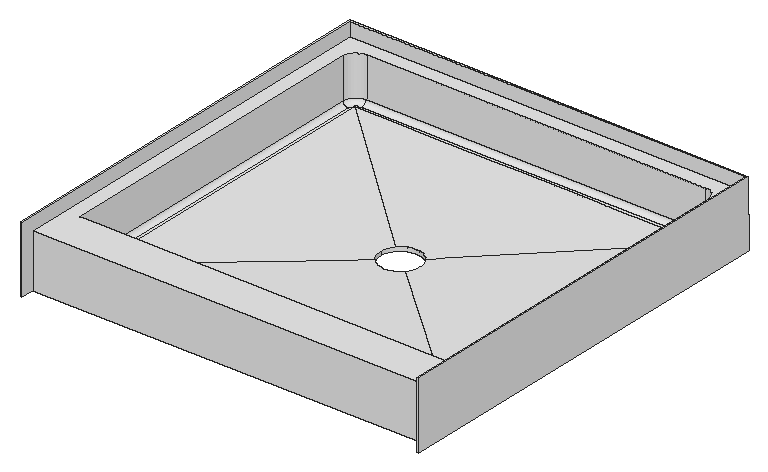
Revit family "P3030.V2", category Plumbing Fixtures, Revit 2017
Family settings
  Round Connector Dimension = Use Diameter
  Part Type = Normal
  OmniClass Number = 23.45.05.14.17
  OmniClass Title = Showers
  Work Plane-Based = No
  Always vertical = Yes
  Cut with Voids When Loaded = No
  Shared = No
  Room Calculation Point = No
Parameters (values of type "P3030.V2")
  Unit Width = 30"
  Unit Height = 5"
  Unit Depth = 31"
  URL = "http://www.bestbath.com/"
  Type Comments = "Remodeler"
  Model = "P3030.V2"
  Material [instance] = Best Bath Gelcoat Fiberglass - Smooth
  Manufacturer = "Best Bath Systems, Inc."
  Keynote = "22 40 00.B3"
  Description = "Shower Pan"
  Assembly Code = "D2010710"
Reference planes (in)
  plane 1 "Back": y = -0.5
  plane 2: z = 0
  plane 3 "Left": x = 0
  plane 4: x = 30
  plane 5: z = 4
  plane 6: z = 5
  plane 7: x = 15
  plane 8: y = 29.5
  plane 9: y = 15.5
  plane 10: x = 1.25
  plane 11: x = 28.75
  plane 12: y = 28.25
  plane 13: z = 0.625
  plane 14: z = 0.25
  plane 15: y = -1.5
Forms (in)
  Extrusion 1, solid, material "Best Bath Gelcoat Fiberglass - Smooth"
    sketch origin (0, 0, 0) x (1, 0, 0) y (0, 1, 0)
      loop
        line (0, -0.5) -> (1.25, -0.5) -> (1.25, 27.25)
        arc (1.25, 27.25) -> (1.54289, 27.95711) -> (2.25, 28.25) r 1
        line (2.25, 28.25) -> (27.75, 28.25)
        arc (27.75, 28.25) -> (28.45711, 27.95711) -> (28.75, 27.25) r 1
        line (28.75, 27.25) -> (28.75, -0.5) -> (30, -0.5) -> (30, 29.5) -> (0, 29.5) -> (0, -0.5)
    from 0 to 4
  Extrusion 2, solid, material "Best Bath Gelcoat Fiberglass - Smooth"
    sketch origin (0, 0, 0) x (1, 0, 0) y (0, 1, 0)
      loop
        line (0, -0.5) -> (30, -0.5) -> (30, 29.5) -> (0, 29.5) -> (0, -0.5)
      loop
        circle (15, 15.5) r 1.5
    from 0 to 0.625
  Sweep 3, solid, material "Best Bath Gelcoat Fiberglass - Smooth"
    path origin (0, 0, 0) x (1, 0, 0) y (0, 1, 0)
      loop
        line (28.75, -0.5) -> (28.75, 27.25)
        arc (28.75, 27.25) -> (28.45711, 27.95711) -> (27.75, 28.25) r 1
        line (27.75, 28.25) -> (2.25, 28.25)
        arc (2.25, 28.25) -> (1.54289, 27.95711) -> (1.25, 27.25) r 1
        line (1.25, 27.25) -> (1.25, -0.5)
    profile origin (1.25, 13.375, 0) x (1, 0, 0) y (0, 0, 1)
      loop
        line (0, 0.625) -> (0.375, 0.625)
        arc (0.375, 0.625) -> (0.10983, 0.73483) -> (0, 1) r 0.375
        line (0, 1) -> (0, 0.625)
  Blend 4, void
    base sketch origin (0, 0, 0) x (1, 0, 0) y (0, 1, 0)
      loop
        line (1.875, 3.5147) -> (28.125, 3.5147) -> (28.125, 27.625) -> (1.875, 27.625) -> (1.875, 3.5147)
    top sketch origin (0, 0, 0) x (1, 0, 0) y (0, 1, 0)
      loop
        circle (15, 15.5) r 0.10467
    from 0.625 to 0.25
  Sweep 5, solid, material "Best Bath Gelcoat Fiberglass - Smooth"
    path origin (0, 0, 0) x (1, 0, 0) y (0, 1, 0)
      loop
        line (1.25, -0.5) -> (28.75, -0.5)
    profile origin (15, -0.5, 0) x (0, 1, 0) y (0, 0, 1)
      loop
        line (0, 4) -> (0, 0) -> (4.11592, 0) -> (3.00305, 4) -> (0, 4)
  Extrusion 6, solid, material "Best Bath Gelcoat Fiberglass - Smooth"
    sketch origin (0, 0, 0) x (1, 0, 0) y (0, 1, 0)
      loop
        line (0, -1.5) -> (0.125, -1.5) -> (0.125, 29.375) -> (29.875, 29.375) -> (29.875, -1.5) -> (30, -1.5) -> (30, 29.5) -> (0, 29.5) -> (0, -1.5)
    from 0 to 5
Cuts and joins
  Blend 4 cuts Extrusion 1
  Blend 4 cuts Extrusion 2
  Blend 4 cuts Sweep 3
  joined: Extrusion 1, Extrusion 2, Sweep 3, Sweep 5, Extrusion 6
Dimensions and locks (in)
  "Unit Width": plane 3 "Left" to plane 4
  locked: plane 6 to plane 5 at 1
  "Unit Height": plane 6 to level
  equal spacing: plane 3 "Left", plane 7, plane 4
  locked: plane 8 to plane 12 at 1.25
  locked: plane 11 to plane 4 at 1.25
  locked: plane 3 "Left" to plane 10 at 1.25
  plane 8 to plane 9 = 14"
  locked: plane 13 to plane 14 at 0.375
  locked: plane 13 to level at 0.625
  locked: plane 15 to plane 1 "Back" at 1
  "Unit Depth": plane 8 to plane 15
  aligned and locked: level to plane 2
  aligned and locked: plane 9 to Extrusion 2 sketch curve
  aligned and locked: plane 7 to Extrusion 2 sketch curve
  aligned and locked: Sweep 3 to plane 13
  aligned and locked: Sweep 3 sketch curve to plane 13
  aligned and locked: plane 13 to Extrusion 2
  aligned and locked: plane 9 to Blend 4 sketch curve
  aligned and locked: plane 7 to Blend 4 sketch curve
  aligned and locked: Extrusion 2 to Blend 4
  aligned and locked: Blend 4 to plane 14
  aligned and locked: plane 5 to Extrusion 1
  aligned and locked: plane 5 to Sweep 5
  aligned and locked: plane 6 to Extrusion 6
Automatic sketch dimensions
  plane 1 "Back" to Extrusion 1 sketch curve = 0"  (x2)
  Extrusion 1 sketch curve to plane 3 "Left" = 0"
  Extrusion 1 sketch curve to plane 4 = 0"
  Extrusion 1 sketch curve to plane 8 = 0"
  Extrusion 1 sketch curve to plane 10 = 0"
  Extrusion 1 sketch curve to plane 12 = 0"
  Extrusion 1 sketch curve to plane 11 = 0"
  Extrusion 1 sketch curve to plane 12 = 1"
  plane 10 to Extrusion 1 sketch curve = 1"
  Extrusion 2 sketch curve to plane 4 = 0"
  Extrusion 2 sketch curve to plane 8 = 0"
  profile plane to Sweep 3 sketch curve = 0"
  Sweep 3 sketch curve to profile plane = 0.375"
  Extrusion 2 sketch curve to plane 3 "Left" = 0"
  plane 1 "Back" to Extrusion 2 sketch curve = 0"
  Sweep 3 sketch curve to plane 10 = 0"
  Sweep 3 sketch curve to plane 12 = 0"
  Sweep 3 sketch curve to plane 11 = 0"
  Sweep 3 sketch curve to plane 12 = 1"
  plane 1 "Back" to Sweep 3 sketch curve = 0"  (x2)
  plane 10 to Sweep 3 sketch curve = 1"
  plane 1 "Back" to Sweep 5 sketch curve = 0"
  Sweep 5 sketch curve to plane 10 = 0"
  Sweep 5 sketch curve to plane 11 = 0"
  Sweep 5 sketch curve to profile plane = 0"
  Sweep 5 sketch curve to level = 0"
  Sweep 5 sketch curve to profile plane = 3.00305"
  Sweep 5 sketch curve to profile plane = 4.11592"
  level to Sweep 5 sketch curve = 4"
  plane 10 to Blend 4 sketch curve = 0.625"
  Blend 4 sketch curve to plane 11 = 0.625"
  Blend 4 sketch curve to plane 1 "Back" = 4.0147"
  Blend 4 sketch curve to plane 12 = 0.625"
  Extrusion 6 sketch curve to plane 3 "Left" = 0"
  Extrusion 6 sketch curve to plane 15 = 0"  (x2)
  Extrusion 6 sketch curve to plane 4 = 0"
  Extrusion 6 sketch curve to plane 8 = 0"
  plane 3 "Left" to Extrusion 6 sketch curve = 0.125"
  plane 4 to Extrusion 6 sketch curve = 0.125"
  Extrusion 6 sketch curve to plane 8 = 0.125"
  radius of Extrusion 2 sketch curve = 1.5"
  radius of Blend 4 sketch curve = 0.10467"
